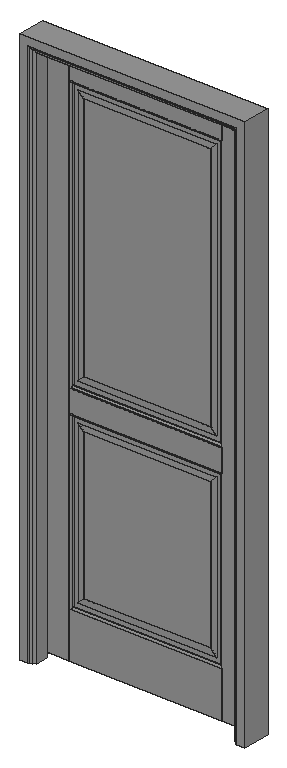
Revit family "I2P 762 ECONO", category Doors, host Wall, Revit 2013
Parameters (values of type "I2P 762 ECONO")
  Function = Interior
  Frame Projection Ext. = 25 mm
  Frame Projection Int. = 25 mm
  Frame Width = 75 mm
  Height = 2090 mm
  Wall Closure = By host
  Width = 838 mm
Reference planes
  plane 1: y = 0
  plane 2 "Center (Left/Right)": x = 0
  plane 3 "Left": x = -419
  plane 4 "Right": x = 419
  plane 5: z = 2090
  plane 6 "Exterior": y = 75
  plane 7 "Interior": y = -75
Forms (mm)
  Sweep 1, solid, material "Lauan, Meranti"
    path origin (0, 75, 0) x (1, 0, 0) y (0, 0, 1)
      loop
        line (419, 0) -> (419, 2090) -> (-419, 2090) -> (-419, 0)
    profile "Van Acht 105x50 Door Frame Routed Profile (Heavy) : Van Acht 105x50 Door Frame Routed Profile (Heavy)" origin (419, 75, 1045) x (-1, 0, 0) y (0, -1, 0)
      loop
        line (0, 22.5) -> (38, 22.5) -> (38, 67.5) -> (50, 67.5) -> (50, 112.5)
        arc (50, 112.5) -> (44.957, 114.29) -> (42.17, 118.859) r 8
        line (42.17, 118.859) -> (39, 118.859)
        arc (39, 118.859) -> (35.311, 122.973) -> (30, 124.5) r 10
        line (30, 124.5) -> (30, 127.5) -> (0, 127.5) -> (0, 22.5)
  Extrusion 2, solid, material "Lauan, Meranti"
    sketch origin (0, -85, 0) x (0, 1, 0) y (0, 0, 1)
      loop
        line (132.5, 20) -> (132.5, 191) -> (130.5, 191)
        arc (130.5, 191) -> (128.866, 195.67) -> (124.5, 198) r 6.807
        line (124.5, 198) -> (124.5, 200) -> (122.5, 200) -> (122.5, 185) -> (102.5, 185) -> (102.5, 200) -> (100.5, 200) -> (100.5, 198)
        arc (100.5, 198) -> (96.134, 195.67) -> (94.5, 191) r 6.807
        line (94.5, 191) -> (92.5, 191) -> (92.5, 20) -> (132.5, 20)
      loop
        line (132.5, 844) -> (132.5, 931) -> (130.5, 931)
        arc (130.5, 931) -> (128.866, 935.67) -> (124.5, 938) r 6.807
        line (124.5, 938) -> (124.5, 940) -> (122.5, 940) -> (122.5, 925) -> (102.5, 925) -> (102.5, 940) -> (100.5, 940) -> (100.5, 938)
        arc (100.5, 938) -> (96.134, 935.67) -> (94.5, 931) r 6.807
        line (94.5, 931) -> (92.5, 931) -> (92.5, 844) -> (94.5, 844)
        arc (94.5, 844) -> (96.134, 839.33) -> (100.5, 837) r 6.807
        line (100.5, 837) -> (100.5, 835) -> (102.5, 835) -> (102.5, 850) -> (122.5, 850) -> (122.5, 835) -> (124.5, 835) -> (124.5, 837)
        arc (124.5, 837) -> (128.866, 839.33) -> (130.5, 844) r 6.807
        line (130.5, 844) -> (132.5, 844)
      loop
        line (130.5, 1956) -> (132.5, 1956) -> (132.5, 2052) -> (92.5, 2052) -> (92.5, 1956) -> (94.5, 1956)
        arc (94.5, 1956) -> (96.134, 1951.33) -> (100.5, 1949) r 6.807
        line (100.5, 1949) -> (100.5, 1947) -> (102.5, 1947) -> (102.5, 1962) -> (122.5, 1962) -> (122.5, 1947) -> (124.5, 1947) -> (124.5, 1949)
        arc (124.5, 1949) -> (128.866, 1951.33) -> (130.5, 1956) r 6.807
    from -285 to 285
  Extrusion 3, solid, material "Lauan, Meranti"
    sketch origin (0, 0, 0) x (1, 0, 0) y (0, 1, 0)
      loop
        line (-381, 47.5) -> (-381, 7.5) -> (-285, 7.5) -> (-285, 9.5)
        arc (-285, 9.5) -> (-280.265, 11.06) -> (-278, 15.5) r 6.549
        line (-278, 15.5) -> (-276, 15.5) -> (-276, 17.5) -> (-291, 17.5) -> (-291, 37.5) -> (-276, 37.5) -> (-276, 39.5) -> (-278, 39.5)
        arc (-278, 39.5) -> (-280.265, 43.94) -> (-285, 45.5) r 6.549
        line (-285, 45.5) -> (-285, 47.5) -> (-381, 47.5)
      loop
        line (381, 47.5) -> (285, 47.5) -> (285, 45.5)
        arc (285, 45.5) -> (280.265, 43.94) -> (278, 39.5) r 6.549
        line (278, 39.5) -> (276, 39.5) -> (276, 37.5) -> (291, 37.5) -> (291, 17.5) -> (276, 17.5) -> (276, 15.5) -> (278, 15.5)
        arc (278, 15.5) -> (280.265, 11.06) -> (285, 9.5) r 6.549
        line (285, 9.5) -> (285, 7.5) -> (381, 7.5) -> (381, 47.5)
    from 20 to 2052
  Sweep 4, solid, material "Lauan, Meranti"
    path origin (0, 75, 0) x (1, 0, 0) y (0, 0, 1)
      loop
        line (285, 844) -> (-285, 844) -> (-285, 191) -> (285, 191) -> (285, 844)
    profile origin (0, 75, 844) x (0, 0, -1) y (0, -1, 0)
      loop
        line (-4.5, 57.5) -> (-4.5, 37.5) -> (25.727, 37.5)
        arc (25.727, 37.5) -> (37.124, 37.25) -> (48.5, 36.5) r 259.807
        line (48.5, 36.5) -> (48.5, 58.5)
        arc (48.5, 58.5) -> (37.124, 57.75) -> (25.727, 57.5) r 259.807
        line (25.727, 57.5) -> (-4.5, 57.5)
  Extrusion 5, solid, material "Lauan, Meranti"
    sketch origin (0, 75, 0) x (1, 0, 0) y (0, 0, 1)
      loop
        line (236.5, 795.5) -> (-236.5, 795.5) -> (-236.5, 239.5) -> (236.5, 239.5) -> (236.5, 795.5)
    from 36.5 to 58.5
  Sweep 6, solid, material "Lauan, Meranti"
    path origin (0, 75, 740) x (1, 0, 0) y (0, 0, 1)
      loop
        line (285, 1216) -> (-285, 1216) -> (-285, 191) -> (285, 191) -> (285, 1216)
    profile origin (0, 75, 1956) x (0, 0, -1) y (0, -1, 0)
      loop
        line (-4.5, 57.5) -> (-4.5, 37.5) -> (25.727, 37.5)
        arc (25.727, 37.5) -> (37.124, 37.25) -> (48.5, 36.5) r 259.807
        line (48.5, 36.5) -> (48.5, 58.5)
        arc (48.5, 58.5) -> (37.124, 57.75) -> (25.727, 57.5) r 259.807
        line (25.727, 57.5) -> (-4.5, 57.5)
  Extrusion 7, solid, material "Lauan, Meranti"
    sketch origin (0, 75, 740) x (1, 0, 0) y (0, 0, 1)
      loop
        line (236.5, 1167.5) -> (-236.5, 1167.5) -> (-236.5, 239.5) -> (236.5, 239.5) -> (236.5, 1167.5)
    from 36.5 to 58.5
Lines and regions (mm)
  Opening 1
    outline origin (-3050, -75, 0) x (1, 0, 0) y (0, 0, 1)
      loop
        line (2631, 0) -> (3469, 0) -> (3469, 2090) -> (2631, 2090) -> (2631, 0)
  symbolic lines, style "Elevation Swing"
    curve 1: line (419, -75, 1045) -> (-419, -75, 2090)
    curve 2: line (419, -75, 1045) -> (-419, -75, 0)
  model lines
    curve 3: line (381, 52.5, 0) -> (381, 814.5, 0)
    curve 4: arc (-381, 52.5, 0) -> (-157.815, 591.315, 0) -> (381, 814.5, 0) r 762
Text (mm)
  text "Exterior" at (-2295.016, 1099.543, 0), in view "Ref. Level"
  text "Exterior" at (0, 1615.38, 3698.081), in view "Left"
  text "Exterior" at (0, 1036.032, 3874.932), in view "Right"
Dimensions and locks
  equal spacing: plane 3 "Left", plane 2 "Center (Left/Right)", plane 4 "Right"
  "Width": plane 3 "Left" to plane 4 "Right"
  "Height": plane 5 to host wall
  equal spacing: host wall, curve 2, plane 5
  host wall to plane 5 = 2090 mm
  locked: plane 6 "Exterior" to host wall at 0
  locked: plane 7 "Interior" to host wall
  plane 3 "Left" to plane 4 "Right" = 838 mm  (x2)
  Sweep 1 to Sweep 1 = 762 mm
  Extrusion 3 to Sweep 1 = 2032 mm
  aligned and locked: plane 3 "Left" to Opening 1 sketch curve
  aligned and locked: plane 5 to Opening 1 sketch curve  (x2)
  aligned and locked: Opening 1 sketch curve to plane 4 "Right"
  aligned and locked: Opening 1 sketch curve to level
  aligned and locked: plane 5 to curve 1
  aligned and locked: plane 3 "Left" to curve 2
  aligned and locked: plane 1 to host wall
  aligned and locked: plane 3 "Left" to curve 1
Automatic sketch dimensions
  plane 4 "Right" to curve 2 = 0 mm
  curve 2 to level = 0 mm
  plane 3 "Left" to Sweep 1 sketch curve = 0 mm
  plane 4 "Right" to Sweep 1 sketch curve = 0 mm
  Sweep 1 sketch curve to plane 5 = 0 mm
  Sweep 1 sketch curve to level = 0 mm  (x2)
  Extrusion 2 sketch curve to host wall = 7.5 mm  (x3)
  level to Extrusion 2 sketch curve = 20 mm
  Extrusion 2 sketch curve to Extrusion 2 sketch curve = 2 mm  (x22)
  Extrusion 2 sketch curve to Extrusion 2 sketch curve = 6 mm  (x12)
  Extrusion 2 sketch curve to Extrusion 2 sketch curve = 20 mm  (x4)
  Extrusion 2 sketch curve to host wall = 27.5 mm
  Extrusion 2 sketch curve to Extrusion 2 sketch curve = 1.197 mm  (x8)
  Extrusion 2 sketch curve to Extrusion 2 sketch curve = 165 mm
  Extrusion 2 sketch curve to Extrusion 2 sketch curve = 7 mm  (x8)
  Extrusion 2 sketch curve to Extrusion 2 sketch curve = 635 mm
  Extrusion 2 sketch curve to Extrusion 2 sketch curve = 0 mm  (x2)
  Extrusion 2 sketch curve to Extrusion 2 sketch curve = 6.241 mm  (x2)
  Extrusion 2 sketch curve to Extrusion 2 sketch curve = 75 mm
  plane 5 to Extrusion 2 sketch curve = 143 mm
  plane 5 to Extrusion 2 sketch curve = 38 mm
  Extrusion 3 sketch curve to host wall = 7.5 mm  (x2)
  Extrusion 3 sketch curve to plane 3 "Left" = 38 mm
  Extrusion 3 sketch curve to host wall = 37.5 mm  (x2)
  Extrusion 3 sketch curve to Extrusion 3 sketch curve = 90 mm
  Extrusion 3 sketch curve to Extrusion 3 sketch curve = 6 mm  (x7)
  Extrusion 3 sketch curve to Extrusion 3 sketch curve = 7 mm  (x4)
  Extrusion 3 sketch curve to Extrusion 3 sketch curve = 2 mm  (x11)
  plane 4 "Right" to Extrusion 3 sketch curve = 143 mm
  Extrusion 3 sketch curve to Extrusion 3 sketch curve = 0 mm
  plane 4 "Right" to Extrusion 3 sketch curve = 38 mm
  Extrusion 3 sketch curve to Extrusion 3 sketch curve = 0.473 mm  (x2)
  Extrusion 3 sketch curve to Extrusion 3 sketch curve = 6.527 mm  (x2)
  Extrusion 3 sketch curve to Extrusion 3 sketch curve = 1.468 mm
  Sweep 4 sketch curve to plane 3 "Left" = 134 mm
  level to Sweep 4 sketch curve = 191 mm
  plane 4 "Right" to Sweep 4 sketch curve = 134 mm
  Sweep 4 sketch curve to Sweep 4 sketch curve = 653 mm
  profile plane to Sweep 4 sketch curve = 4.5 mm
  plane 6 "Exterior" to Sweep 4 sketch curve = 36.5 mm
  Sweep 4 sketch curve to profile plane = 25.727 mm
  Sweep 4 sketch curve to Sweep 4 sketch curve = 0 mm
  Sweep 4 sketch curve to Sweep 4 sketch curve = 22.773 mm
  plane 6 "Exterior" to Sweep 4 sketch curve = 37.5 mm
  Sweep 4 sketch curve to Sweep 4 sketch curve = 20 mm
  Sweep 4 sketch curve to Sweep 4 sketch curve = 22 mm
  Extrusion 5 sketch curve to plane 3 "Left" = 182.5 mm
  level to Extrusion 5 sketch curve = 239.5 mm
  plane 4 "Right" to Extrusion 5 sketch curve = 182.5 mm
  Extrusion 5 sketch curve to Extrusion 5 sketch curve = 556 mm
  profile plane to Sweep 6 sketch curve = 4.5 mm
  plane 6 "Exterior" to Sweep 6 sketch curve = 36.5 mm
  Sweep 6 sketch curve to profile plane = 25.727 mm
  Sweep 6 sketch curve to Sweep 6 sketch curve = 0 mm
  Sweep 6 sketch curve to Sweep 6 sketch curve = 22.773 mm
  plane 6 "Exterior" to Sweep 6 sketch curve = 37.5 mm
  Sweep 6 sketch curve to Sweep 6 sketch curve = 20 mm
  Sweep 6 sketch curve to Sweep 6 sketch curve = 22 mm
  Extrusion 7 sketch curve to plane 3 "Left" = 182.5 mm
  plane 4 "Right" to Extrusion 7 sketch curve = 182.5 mm
  level to Extrusion 7 sketch curve = 979.5 mm
  plane 5 to Extrusion 7 sketch curve = 182.5 mm
  Sweep 6 sketch curve to plane 3 "Left" = 134 mm
  plane 4 "Right" to Sweep 6 sketch curve = 134 mm
  level to Sweep 6 sketch curve = 931 mm
  plane 5 to Sweep 6 sketch curve = 134 mm
  curve 4 to plane 3 "Left" = 38 mm
  plane 4 "Right" to curve 4 = 38 mm
  curve 4 to host wall = 22.5 mm
  curve 3 to curve 4 = 0 mm
